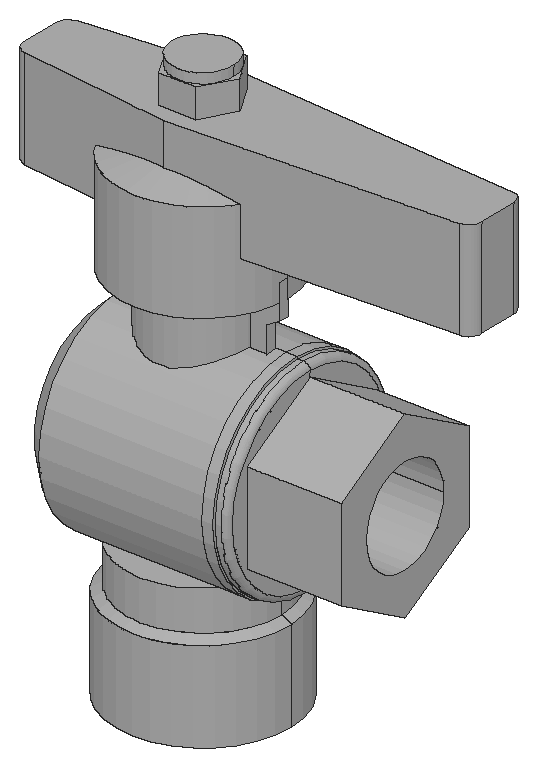
Revit family "QD01140000", category Apparecchi idraulici, Revit 2020
Family settings
  Quota connettore circolare = Usa diametro
  Tipo di parte = Normale
  Numero OmniClass = 23.45.00.00
  Titolo OmniClass = Sanitary, Laundry, and Cleaning Equipment
  Basato su piano di lavoro = No
  Sempre verticale = Sì
  Taglio con vuoti quando caricato = No
  Condiviso = No
  Punto di calcolo locali = No
Parameters
  URL = "https://web.cimberio.com/index.php/figura/1090?subcategoria_id=64"
  Temperatura di esercizio = "-20 ÷ 150°C"
  Prospetto di default = 0 mm
  Produttore = "CIMBERIO SPA"
  Pressione nominale = "PN 40"
  Modello = "Cim 229OT"
  Materiale = "Prodotto in lega di ottone conforme alla norma EN 12165-CW617N-DW"
  Descrizione = "Realizzato in ottemperanza ai requisiti gestionali della norma EN ISO 9001.\r\nUtilizzato per la regolazione della temperatura degli ambienti e comandare apparecchi degli impianti di riscaldamento e condizionamento."
  DN Model [instance] = QD01142102 : QD01142102
  DN [instance] = 15 mm
  Commenti sul tipo = "Utilizzato nei più svariati settori dell'impiantistica: impianti di riscaldamento, condizionamento, idrici, igienico-sanitari, aria compressa, reti di distribuzione oli, benzine, vapore saturo e in generale con ogni fluido non corrosivo"
Reference planes
  plane 1 "Centro (Fronte/Retro)": y = 0
  plane 2: z = 0
  plane 3 "Centro (Sinistra/Destra)": x = 0
Dimensions and locks
  aligned and locked: level to plane 2
Nested families
  nested 1: "QD01142102" at (0, 0, 0), type <- "DN Model", type "QD01142102"
  nested 2: "QD01142102" at (0, 0, 0), type <- "DN Model", type "QD01142102"
  nested 3: "QD01142102" at (0, 0, 0), type <- "DN Model", type "QD01142102"
Connectors
  piping at (30.85, 0, 0), diameter 15, driven by "DN"
    settings: on nested 1, index 1, connector inside diameter 609.6 mm, connector length 0 mm, flow factor 0, pipe flow 0.0 L/s, pressure drop 0.0 Pa, fitting loss kfactor 0, connector angle 0.00°, fixture units 0, engagement length 0 mm, angle of deflection 0.00°, flow configuration 0, flow direction 0, fitting loss method 0, system type 7, joint type 0, gender type 0, connector reference index -1, connector utility 0, adjustable connector no, is connector primary yes, connector description ""
  piping at (0, 0, -35), diameter 15, driven by "DN"
    settings: on nested 1, index 2, connector inside diameter 609.6 mm, connector length 0 mm, flow factor 0, pipe flow 0.0 L/s, pressure drop 0.0 Pa, fitting loss kfactor 0, connector angle 0.00°, fixture units 0, engagement length 0 mm, angle of deflection 0.00°, flow configuration 0, flow direction 0, fitting loss method 0, system type 7, joint type 0, gender type 0, connector reference index -1, connector utility 0, adjustable connector no, is connector primary no, connector description ""
Definition of nested family "QD01142102"
  Parameters (values of type "QD01142102")
    Default Elevation = 0 mm
  Reference planes
    plane 1 "Centro (Fronte/Retro)": y = 0
    plane 2: z = 0
    plane 3 "Centro (Sinistra/Destra)": x = 0
  Forms (mm)
    Revolve 1, solid
      sketch origin (0, 0, 0) x (1, 0, 0) y (0, 0, 1)
        loop
          line (-12.25, -16) -> (12.6, -16) -> (14.35, -16) -> (14.35, -7.5) -> (-8.955, -7.5) -> (-8.955, 0) -> (-15.5, 0) -> (-15.5, -12.75) -> (-12.25, -16)
        axis (-15.5, 0) -> (14.35, 0)
      angle from 0 to 360
    Extrusion 2, solid
      sketch origin (16, 0, 0) x (0, 0, 1) y (0, -1, 0)
        loop
          circle (0, 0) r 7.5
        loop
          line (-14, 0) -> (-7, -12.124) -> (7, -12.124) -> (14, 0) -> (7, 12.124) -> (-7, 12.124) -> (-14, 0)
      from 0.35 to 14.85
    Extrusion 3, solid
      sketch origin (0, 0, 28.55) x (1, 0, 0) y (0, 1, 0)
        loop
          circle (0, 0) r 8.45
        loop
          circle (0, 0) r 6.348
      from -20.832 to 5.337
    Revolve 4, solid
      sketch origin (0, 0, 0) x (1, 0, 0) y (0, 0, 1)
        loop
          line (-13, 38.707) -> (-13, 23.483) -> (-8.92, 23.483) -> (-8.92, 33.247) -> (0, 33.247) -> (0, 40.8)
          arc (0, 40.8) -> (-6.59, 40.314) -> (-13, 38.707) r 38.42
        axis (0, 40.8) -> (0, 23.483)
      angle from 0 to 360
    Extrusion 5, void
      sketch origin (0, 0, 28.55) x (1, 0, 0) y (0, 1, 0)
        loop
          line (-8.682, 0) -> (-12.25, 0)
          arc (-12.25, 0) -> (-8.662, -8.662) -> (0, -12.25) r 12.25
          line (0, -12.25) -> (0, -7.437)
          arc (0, -7.437) -> (-5.627, -5.22) -> (-8.682, 0) r 9.25
      from -7.705 to 0.295
    Extrusion 6, solid
      sketch origin (0, 0, 46.5) x (0, 1, 0) y (-1, 0, 0)
        loop
          line (0, 5.6) -> (-4.85, 2.8) -> (-4.85, -2.8) -> (0, -5.6) -> (4.85, -2.8) -> (4.85, 2.8) -> (0, 5.6)
      from 0 to 4.5
    Extrusion 7, solid
      sketch origin (0, 0, 51) x (0, 1, 0) y (-1, 0, 0)
        loop
          circle (0, 0) r 4.75
      from 0 to 1.5
    Extrusion 8, solid
      sketch origin (0, 0, 51) x (0, 1, 0) y (-1, 0, 0)
        loop
          line (7.567, 0) -> (5.067, 23.214)
          arc (5.067, 23.214) -> (4.415, 24.488) -> (3.078, 25) r 2
          line (3.078, 25) -> (-2.945, 25)
          arc (-2.945, 25) -> (-4.281, 24.488) -> (-4.933, 23.214) r 2
          line (-4.933, 23.214) -> (-7.433, 0) -> (-4.933, -43.116)
          arc (-4.933, -43.116) -> (-4.309, -44.455) -> (-2.936, -45) r 2
          line (-2.936, -45) -> (3.07, -45)
          arc (3.07, -45) -> (4.443, -44.455) -> (5.067, -43.116) r 2
          line (5.067, -43.116) -> (7.567, 0)
      from -19.745 to -4.5
    Revolve 9, solid
      sketch origin (0, 0, 0) x (1, 0, 0) y (0, 0, 1)
        loop
          line (-16.5, 0) -> (-16.151, -10) -> (-15.162, -10) -> (-15.162, 0) -> (-16.5, 0)
        axis (-16.5, 0) -> (-15.162, 0)
      angle from 0 to 360
    Revolve 10, solid
      sketch origin (0, 0, 0) x (1, 0, 0) y (0, 0, 1)
        loop
          arc (16.35, 14.749) -> (16.058, 15.457) -> (15.35, 15.75) r 1
          line (15.35, 15.75) -> (14.35, 15.75) -> (14.35, 7.5) -> (16.35, 7.5) -> (16.35, 14.749)
        axis (14.35, 0) -> (16.35, 0)
      angle from 0 to 360
    Revolve 11, solid
      sketch origin (0, 0, 0) x (1, 0, 0) y (0, 0, 1)
        loop
          line (-12, -14) -> (-12, -20.134) -> (-13.5, -21) -> (-13.5, -35) -> (0, -35) -> (0, -14) -> (-12, -14)
        axis (0, -14) -> (0, -35)
      angle from 0 to 360
    Extrusion 12, solid
      sketch origin (0, 0, 0) x (-1, 0, 0) y (0, 0, -1)
        loop
          line (-13, -26.345) -> (-6.613, -26.345) -> (-6.613, -11.799) -> (-11, -11.799) -> (-11, -19.89) -> (-13, -21.045) -> (-13, -26.345)
      from 0 to 1.497
  Cuts and joins
    Extrusion 5 cuts Revolve 4
    joined: Revolve 1, Extrusion 3
  Dimensions and locks
    aligned and locked: level to plane 2
